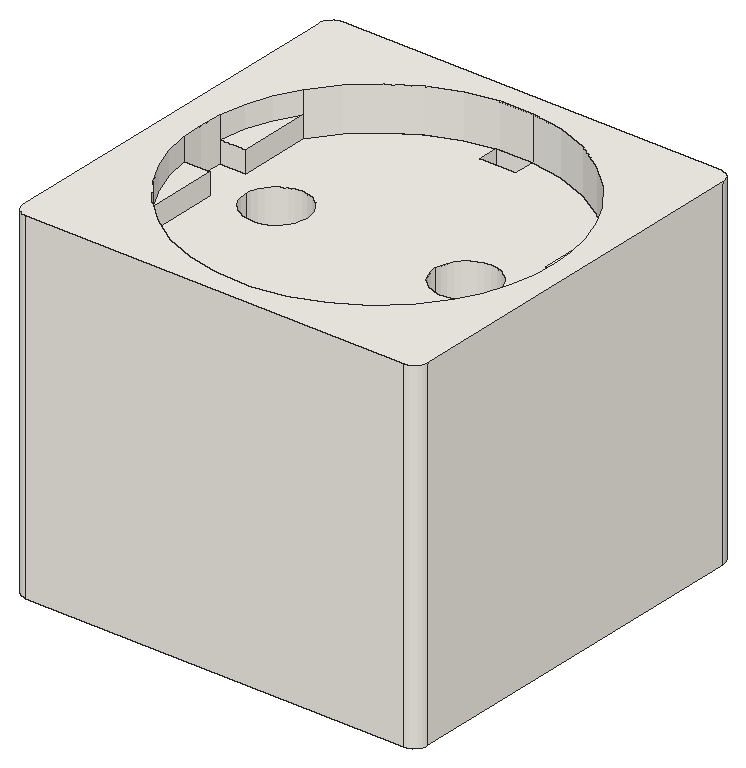
Revit family "Domotics-DomesticRanges-GEWISS-CHORUS_POWER-SOCKET-OUTLET_DEU", category Apparecchi elettrici, host Superficie, Revit 2016
Family settings
  Host = Superficie
  Mantenere orientamento annotazione = Sì
  Tipo di parte = Normale
  Quota connettore circolare = Usa diametro
  Taglio con vuoti quando caricato = Sì
  Condiviso = Sì
  Punto di calcolo locali = Sì
Parameters (values of type "GW14341 - Socket outlet 2M 2P+E 16a+terminal spa.st.titanium")
  Wiring terminals = "Screws with front tightening terminals"
  Voltage: = "250 V ac"
  Voltage = "250 V ac"
  Volt = 230 V
  Vista in pianta [instance] = yes
  Version file RFA = "19.0"
  URL = "https://www.gewiss.com/ww/en"
  Type: = ""
  Type = "Front terminals"
  Tipo_ = Chorus Prese Ger_GENERICO : GW14341 Presa 2M 2P+T 16A+ morsetti frontali standard Tedesco titanio
  Thermo-pressure with ball = "125 °C"
  Terminal tightening capacity rigid cables (mm2) = "min. 0,5 - max. 2x2,5"
  Terminal tightening capacity flexible cables (mm2) = "min. 0,75 - max. 2x4"
  Terminal grip on cable traction = "> 50 N"
  Technical sheet = "https://www.gewiss.com/ww/en/search?q=GW14341"
  TXT ELETTRICO = "16"
  Standard; = "IEC 60884-1; DIN VDE 0620-1; UNE 20315-1-1"
  Standard: = "German"
  Standard = "German"
  Simbolo [instance] = yes
  SEO = "Socket outlet"
  Resistance at test voltage = "2000 V at 50 Hz for 1 minute"
  Realized by GEWISS S.p.A. = ""
  Default Elevation = 1219.2 mm
  Prolonged operation (no.of position changes) = "10.000 at In 250 V ac cosØ=0,8"
  Produttore = "GEWISS S.p.A."
  Offset presa [instance] = 0 mm
  Offset bidimensionale [instance] = 2 mm
  No. Chorus modules: = "2"
  No. Chorus modules = "2"
  N. poli = 1
  Modello = "GW14341"
  Insulation resistance = "> 5 MOhm"
  Immagine tipo = GW14341.jpg
  IFC.TypeObject = ""
  IFC.ExportType = ""
  IFC.ExportAs = ""
  IDT = "310c0367-30fd-42b5-ab9c-fc234f86b9d5"
  IDF = "1e5c0e1f-8c6b-41bc-9da2-06778d33d87f"
  Glow Wire Test = "850°C"
  For plug pins = "Ø 4.8 mm"
  Electrocod = "0131"
  EAN code = "8011564280779"
  Distanza_x [instance] = 0 mm
  Distanza_effettiva_x [instance] = 1000 mm - Distanza_x  # 1000 mm
  Descrizione = "SOCK. 2M 2P+E 16A+TERMINAL SPA.ST.TIT."
  Description: = "2P+E - 16A"
  Description. = "Dual amperage socket-outlet"
  Colour = "Titanium"
  Characteristics = "With safety shields"
  Category = "Dual amperage socket-outlet"
  Catalogue Range = "CHORUS - DOMESTIC RANGE"
  Catalogue = "DOMOTICS"
  Carico apparente = 0 VA
  COBie.Tagnumber = ""
  COBie.CreatedOn = ""
  COBie.CreatebBy = ""
  COBie.ComponentRegisterItemID = ""
  COBie.Component.TagNumber = ""
  COBie.Component.Space = ""
  COBie.Component.SerialNumber = ""
  COBie.Component.InstallationDate = ""
  COBie.Component.Description = ""
  COBie.Component.BarCode = ""
  Breaking capacity: = "1.25 In (100 position changes)"
Types (8, lengths in mm): name | Wiring terminals | Type: | Type | Tipo_ | Technical sheet | Standard; | Modello | Immagine tipo | IDT | EAN code | Descrizione | Description. | Colour | Category
  GW10241 - Socket outlet 2M 2P+E 16A de white | "With screw" | "" | "" | Chorus Prese Ger_GENERICO : GW10241 Presa 2M 2P+T 16A standard Tedesco bianco | "https://www.gewiss.com/ww/en/search?q=GW10241" | "IEC 60884-1; DIN VDE 0620-1; UNE 20315-1-1" | "GW10241" | GW10241.jpg | "6b95c3b2-e1db-437f-95ce-5dcabf5dae93" | "8011564257955" | "S. OUT. 2M 2P+E 16A DE WHITE" | "Socket-outlet" | "White" | "Socket-outlet"
  GW10251 - Socket outlet 2M 2P+E 16A de red | "With screw" | "For allocated lines" | "For allocated lines" | Chorus Prese Ger_GENERICO : GW10251 Presa 2M 2P+T 16A standard Tedesco rossa | "https://www.gewiss.com/ww/en/search?q=GW10251" | "IEC 60884-1; DIN VDE 0620-1" | "GW10251" | GW10251.jpg | "a9cec378-146a-4ac2-9ae7-199b778c20df" | "8011564264946" | "S. OUT. 2M 2P+E 16A DE RED" | "Socket-outlet" | "Red" | "Socket-outlet"
  GW10341 - Socket outlet 2M 2P+E 16A de front terminals white | "Screws with front tightening terminals" | "" | "Front terminals" | Chorus Prese Ger_GENERICO : GW10341 Presa 2M 2P+T 16A morsetti frontali standard Tedesco bianco | "https://www.gewiss.com/ww/en/search?q=GW10341" | "IEC 60884-1; DIN VDE 0620-1; UNE 20315-1-1" | "GW10341" | GW10341.jpg | "d49558fc-c03e-4419-98bb-5a8c4ff87a70" | "8011564280755" | "S. OUT. 2M 2P+E 16A DE FRONT TERMINALS W" | "Dual amperage socket-outlet" | "White" | "Dual amperage socket-outlet"
  GW10351 - Socket outlet 2M 2P+E 16A de front terminals red | "Screws with front tightening terminals" | "" | "Front terminals" | Chorus Prese Ger_GENERICO : GW10351 Presa 2M 2P+T 16A morsetti frontali standard Tedesco rossa | "https://www.gewiss.com/ww/en/search?q=GW10351" | "IEC 60884-1; DIN VDE 0620-1; UNE 20315-1-1" | "GW10351" | GW10351.jpg | "ec56a42c-993f-4128-b493-7bc6b77b870a" | "8011564280786" | "S. OUT. 2M 2P+E 16A DE FRONT TERMINALS R" | "Dual amperage socket-outlet" | "Red" | "Dual amperage socket-outlet"
  GW12241 - Socket outlet 2M 2P+E 16A german st black | "With screw" | "" | "" | Chorus Prese Ger_GENERICO : GW12241 Presa 2M 2P+T 16A standard Tedesco nero | "https://www.gewiss.com/ww/en/search?q=GW12241" | "IEC 60884-1; DIN VDE 0620-1; UNE 20315-1-1" | "GW12241" | GW12241.jpg | "77eeb34b-25b0-4ae6-ba30-3379bb02aebb" | "8011564266919" | "SOCKET 2M 2P+E 16A GERMAN ST BLACK" | "Socket-outlet" | "Black" | "Socket-outlet"
  GW12341 - Socket outlet 2M 2P+E 16a+terminal spa.st.black | "Screws with front tightening terminals" | "" | "Front terminals" | Chorus Prese Ger_GENERICO : GW12341 Presa 2M 2P+T 16A morsetti frontali standard Tedesco nero | "https://www.gewiss.com/ww/en/search?q=GW12341" | "IEC 60884-1; DIN VDE 0620-1; UNE 20315-1-1" | "GW12341" | GW12341.jpg | "db1b7a75-077a-4fb3-bfcf-73454cb1100c" | "8011564280762" | "SOCK. 2M 2P+E 16A+TERMINAL SPA.ST.BLACK" | "Dual amperage socket-outlet" | "Black" | "Dual amperage socket-outlet"
  GW14241 - Socket outlet 2M 2P+E 16A german st titanium | "With screw" | "" | "" | Chorus Prese Ger_GENERICO : GW14241 Presa 2M 2P+T 16A standard Tedesco titanio | "https://www.gewiss.com/ww/en/search?q=GW14241" | "IEC 60884-1; DIN VDE 0620-1; UNE 20315-1-1" | "GW14241" | GW14241.jpg | "86de815e-d38a-4675-bf2d-ef169fa84a27" | "8011564266353" | "SOCKET 2M 2P+E 16A GERMAN ST TITANIUM" | "Socket-outlet" | "Titanium" | "Socket-outlet"
  GW14341 - Socket outlet 2M 2P+E 16a+terminal spa.st.titanium | "Screws with front tightening terminals" | "" | "Front terminals" | Chorus Prese Ger_GENERICO : GW14341 Presa 2M 2P+T 16A+ morsetti frontali standard Tedesco titanio | "https://www.gewiss.com/ww/en/search?q=GW14341" | "IEC 60884-1; DIN VDE 0620-1; UNE 20315-1-1" | "GW14341" | GW14341.jpg | "310c0367-30fd-42b5-ab9c-fc234f86b9d5" | "8011564280779" | "SOCK. 2M 2P+E 16A+TERMINAL SPA.ST.TIT." | "Dual amperage socket-outlet" | "Titanium" | "Dual amperage socket-outlet"
Reference planes
  plane 1 "Centro (Fronte/Retro)": y = 0
  plane 2: z = 0
  plane 3 "Centro (Sinistra/Destra)": x = 0
  plane 4: x = -1000
  plane 5: x = 0
  plane 6: z = 41
  plane 7: z = 0
  plane 8: z = 39
Lines and regions (mm)
  Masking region 1, visible <- "Vista in pianta"
    outline origin (0, 0, 0) x (1, 0, 0) y (0, 1, 0)
      loop
        line (-23, 21) -> (-23, -21)
        arc (-23, -21) -> (-22.561, -22.061) -> (-21.5, -22.5) r 1.5
        line (-21.5, -22.5) -> (21.5, -22.5)
        arc (21.5, -22.5) -> (22.561, -22.061) -> (23, -21) r 1.5
        line (23, -21) -> (23, 21)
        arc (23, 21) -> (22.561, 22.061) -> (21.5, 22.5) r 1.5
        line (21.5, 22.5) -> (-21.5, 22.5)
        arc (-21.5, 22.5) -> (-22.561, 22.061) -> (-23, 21) r 1.5
      loop
        circle (-10.781, -0.293) r 3.536
      loop
        circle (10.781, -0.293) r 3.536
      loop
        arc (-16.577, -10.706) -> (-8.57, -18) -> (2.056, -20.095) r 20.156
        arc (2.056, -20.095) -> (10.933, -17.246) -> (17.577, -10.706) r 20.156
        arc (17.577, -10.706) -> (19.481, -6.781) -> (20.495, -2.538) r 20.156
        arc (20.495, -2.538) -> (20.656, 0) -> (20.495, 2.538) r 20.156
        arc (20.495, 2.538) -> (19.481, 6.781) -> (17.577, 10.706) r 20.156
        arc (17.577, 10.706) -> (10.933, 17.246) -> (2.056, 20.095) r 20.156
        arc (2.056, 20.095) -> (-8.57, 18) -> (-16.577, 10.706) r 20.156
        arc (-16.577, 10.706) -> (-18.481, 6.781) -> (-19.495, 2.538) r 20.156
        arc (-19.495, 2.538) -> (-19.656, 0) -> (-19.495, -2.538) r 20.156
        arc (-19.495, -2.538) -> (-18.481, -6.781) -> (-16.577, -10.706) r 20.156
      loop
        arc (-16.577, 10.325) -> (-18.342, 6.573) -> (-19.294, 2.538) r 19.956
        line (-19.294, 2.538) -> (-16.577, 2.538) -> (-16.577, 10.325)
      loop
        line (17.577, 2.538) -> (20.294, 2.538)
        arc (20.294, 2.538) -> (19.342, 6.573) -> (17.577, 10.325) r 19.956
        line (17.577, 10.325) -> (17.577, 2.538)
      loop
        arc (2.056, 19.895) -> (-0.003, 19.949) -> (-2.056, 19.791) r 19.956
        line (-2.056, 19.791) -> (-2.056, 17.726) -> (2.056, 17.726) -> (2.056, 19.895)
      loop
        line (-16.577, -10.325) -> (-16.577, -2.538) -> (-19.294, -2.538)
        arc (-19.294, -2.538) -> (-18.342, -6.573) -> (-16.577, -10.325) r 19.956
      loop
        line (17.577, -2.538) -> (17.577, -10.325)
        arc (17.577, -10.325) -> (19.342, -6.573) -> (20.294, -2.538) r 19.956
        line (20.294, -2.538) -> (17.577, -2.538)
      loop
        line (2.056, -19.895) -> (2.056, -17.726) -> (-2.056, -17.726) -> (-2.056, -19.791)
        arc (-2.056, -19.791) -> (-0.003, -19.949) -> (2.056, -19.895) r 19.956
  Masking region 2, visible <- "Vista in pianta"
    outline origin (0, 0, 0) x (1, 0, 0) y (0, 0, 1)
      loop
        line (-23, 39) -> (-23, 0) -> (23, 0) -> (23, 39) -> (-23, 39)
  Masking region 3, visible <- "Vista in pianta"
    outline origin (0, 0, 0) x (0, 1, 0) y (0, 0, 1)
      loop
        line (22.5, 0) -> (22.5, 39) -> (-22.5, 39) -> (-22.5, 0) -> (22.5, 0)
Dimensions and locks
  plane 4 to plane 3 "Centro (Sinistra/Destra)" = 1000 mm
  "Distanza_effettiva_x": plane 4 to plane 5
  "Offset presa": plane 7 to host face
  locked: plane 8 to plane 7 at 39
  "Offset bidimensionale": plane 6 to plane 8
  aligned and locked: plane 2 to host face
  aligned and locked: level to host face
  aligned and locked: plane 5 to nested 1
  aligned and locked: plane 3 "Centro (Sinistra/Destra)" to nested 2
  aligned and locked: plane 1 "Centro (Fronte/Retro)" to nested 2
  aligned and locked: nested 2 to plane 7
  aligned and locked: nested 2 to plane 8
  aligned and locked: Masking region 1 sketch curve to nested 2  (x4)
  aligned and locked: Masking region 2 sketch curve to nested 2  (x2)
  aligned and locked: plane 8 to Masking region 2 sketch curve
  aligned and locked: plane 7 to Masking region 2 sketch curve
  aligned and locked: Masking region 3 sketch curve to nested 2  (x2)
  aligned and locked: plane 8 to Masking region 3 sketch curve
  aligned and locked: plane 7 to Masking region 3 sketch curve
  aligned and locked: import instance to plane 6
Automatic sketch dimensions
  host sketch curve to host sketch curve = 2438.4 mm  (x2)
  Masking region 1 sketch curve to Masking region 1 sketch curve = 0 mm  (x252)
  plane 1 "Centro (Fronte/Retro)" to Masking region 1 sketch curve = 0 mm
  Masking region 1 sketch curve to Masking region 1 sketch curve = 1.5 mm  (x4)
  plane 1 "Centro (Fronte/Retro)" to Masking region 1 sketch curve = 2.538 mm  (x2)
  Masking region 1 sketch curve to Masking region 1 sketch curve = 2.206 mm
  Masking region 1 sketch curve to Masking region 1 sketch curve = 2.717 mm  (x4)
  plane 1 "Centro (Fronte/Retro)" to Masking region 1 sketch curve = 0.293 mm  (x2)
  Masking region 1 sketch curve to Masking region 1 sketch curve = 5.796 mm
  Masking region 1 sketch curve to plane 3 "Centro (Sinistra/Destra)" = 2.056 mm  (x2)
  plane 3 "Centro (Sinistra/Destra)" to Masking region 1 sketch curve = 0.5 mm
  plane 3 "Centro (Sinistra/Destra)" to Masking region 1 sketch curve = 2.056 mm  (x2)
  Masking region 1 sketch curve to Masking region 1 sketch curve = 10.281 mm
  Masking region 1 sketch curve to Masking region 1 sketch curve = 5.423 mm
  Masking region 1 sketch curve to Masking region 1 sketch curve = 9.57 mm
  Masking region 1 sketch curve to Masking region 1 sketch curve = 2.169 mm
  Masking region 1 sketch curve to plane 1 "Centro (Fronte/Retro)" = 2.538 mm  (x2)
  Masking region 1 sketch curve to Masking region 1 sketch curve = 7.401 mm
  Masking region 1 sketch curve to Masking region 1 sketch curve = 2.065 mm
  Masking region 1 sketch curve to Masking region 1 sketch curve = 0.202 mm  (x4)
  Masking region 1 sketch curve to Masking region 1 sketch curve = 2.261 mm
  Masking region 1 sketch curve to Masking region 1 sketch curve = 3.536 mm
  Masking region 1 sketch curve to Masking region 1 sketch curve = 0.201 mm
Nested families
  nested 1: "SIMBOLO PRESE" at (0, 100, 0), TESTO ELETTRICO <- "TXT ELETTRICO", SIMBOLO <- "Simbolo", visible <- "Simbolo", type "PRESA"
    with TESTO ELETTRICO "16", SIMBOLO yes, Distanza dal muro 4.208 mm, BORDO ACCESO yes
  nested 2: "Chorus Prese Ger_GENERICO" at (0, 0, 0), type <- "Tipo_", type "GW14341 Presa 2M 2P+T 16A+ morsetti frontali standard Tedesco titanio", detail levels medium+fine
Connectors
  electrical at (0, 0, 0), driven by "N. poli", driven by "Volt", driven by "Carico apparente"
    settings: on nested 2, index 1, voltage 230 V, apparent load 0 VA, apparent load phase1 0 VA, apparent load phase2 0 VA, apparent load phase3 0 VA, power factor 1, load classification "Altro", number of poles 1, system type 31, power factor state 1, is connector primary yes, connector utility no, sub classification motor no, connector description ""
Definition of nested family "Chorus Prese Ger_GENERICO"
  Parameters (values of type "GW14341 Presa 2M 2P+T 16A+ morsetti frontali standard Tedesco titanio")
    Profondità presa = 39 mm
    Finitura Prese Israele = none
    Altezza da Terra = 750 mm
  Types (8): name
    GW10241 Presa 2M 2P+T 16A standard Tedesco bianco
    GW10251 Presa 2M 2P+T 16A standard Tedesco rossa
    GW10341 Presa 2M 2P+T 16A morsetti frontali standard Tedesco bianco
    GW10351 Presa 2M 2P+T 16A morsetti frontali standard Tedesco rossa
    GW12241 Presa 2M 2P+T 16A standard Tedesco nero
    GW12341 Presa 2M 2P+T 16A morsetti frontali standard Tedesco nero
    GW14241 Presa 2M 2P+T 16A standard Tedesco titanio
    GW14341 Presa 2M 2P+T 16A+ morsetti frontali standard Tedesco titanio
  Reference planes
    plane 1 "Centro (Fronte/Retro)": y = 0
    plane 2: z = 0
    plane 3 "Centro (Sinistra/Destra)": x = 0
    plane 4: y = -22.5
    plane 5: y = 22.5
    plane 6: x = -23
    plane 7: x = 23
    plane 8: z = 34
    plane 9: z = 0
    plane 10: z = 36.5
    plane 11: z = 39
  Forms (mm)
    Extrusion 1, solid, material <- "Finitura Prese Israele"
      sketch origin (0, -772.5, 39) x (1, 0, 0) y (0, 1, 0)
        loop
          arc (-21.5, 795) -> (-22.561, 794.561) -> (-23, 793.5) r 1.5
          line (-23, 793.5) -> (-23, 751.5)
          arc (-23, 751.5) -> (-22.561, 750.439) -> (-21.5, 750) r 1.5
          line (-21.5, 750) -> (21.5, 750)
          arc (21.5, 750) -> (22.561, 750.439) -> (23, 751.5) r 1.5
          line (23, 751.5) -> (23, 793.5)
          arc (23, 793.5) -> (22.561, 794.561) -> (21.5, 795) r 1.5
          line (21.5, 795) -> (-21.5, 795)
      from 0 to -39
    Extrusion 2, void
      sketch origin (0, -772.5, 39) x (1, 0, 0) y (0, 1, 0)
        loop
          arc (-19.495, 775.038) -> (-19.656, 772.5) -> (-19.495, 769.962) r 20.156
          line (-19.495, 769.962) -> (-16.577, 769.962) -> (-16.577, 761.794)
          arc (-16.577, 761.794) -> (-8.57, 754.5) -> (2.056, 752.405) r 20.156
          arc (2.056, 752.405) -> (10.933, 755.254) -> (17.577, 761.794) r 20.156
          line (17.577, 761.794) -> (17.577, 769.962) -> (20.495, 769.962)
          arc (20.495, 769.962) -> (20.656, 772.5) -> (20.495, 775.038) r 20.156
          line (20.495, 775.038) -> (17.577, 775.038) -> (17.577, 783.206)
          arc (17.577, 783.206) -> (10.933, 789.746) -> (2.056, 792.595) r 20.156
          arc (2.056, 792.595) -> (-8.57, 790.5) -> (-16.577, 783.206) r 20.156
          line (-16.577, 783.206) -> (-16.577, 775.038) -> (-19.495, 775.038)
      from -5 to 0
    Extrusion 3, void
      sketch origin (0, -772.5, 39) x (1, 0, 0) y (0, 1, 0)
        loop
          arc (-19.495, 769.962) -> (-18.481, 765.719) -> (-16.577, 761.794) r 20.156
          line (-16.577, 761.794) -> (-16.577, 769.962) -> (-19.495, 769.962)
        loop
          line (20.495, 769.962) -> (17.577, 769.962) -> (17.577, 761.794)
          arc (17.577, 761.794) -> (19.481, 765.719) -> (20.495, 769.962) r 20.156
        loop
          arc (-2.056, 752.507) -> (-0.003, 752.351) -> (2.056, 752.405) r 20.156
          line (2.056, 752.405) -> (2.056, 754.774) -> (-2.056, 754.774) -> (-2.056, 752.507)
        loop
          line (-16.577, 775.038) -> (-16.577, 783.206)
          arc (-16.577, 783.206) -> (-18.481, 779.281) -> (-19.495, 775.038) r 20.156
          line (-19.495, 775.038) -> (-16.577, 775.038)
        loop
          arc (20.495, 775.038) -> (19.481, 779.281) -> (17.577, 783.206) r 20.156
          line (17.577, 783.206) -> (17.577, 775.038) -> (20.495, 775.038)
        loop
          line (2.056, 790.226) -> (2.056, 792.595)
          arc (2.056, 792.595) -> (-0.003, 792.649) -> (-2.056, 792.493) r 20.156
          line (-2.056, 792.493) -> (-2.056, 790.226) -> (2.056, 790.226)
      from -2.5 to 0
    Extrusion 4, void
      sketch origin (0, -772.5, 39) x (1, 0, 0) y (0, 1, 0)
        loop
          circle (10.781, 772.207) r 3.536
        loop
          circle (-10.781, 772.207) r 3.536
      from -20 to -5
    Extrusion 5, void
      sketch origin (0, -772.5, 39) x (1, 0, 0) y (0, 1, 0)
        loop
          line (-2.056, 792.493) -> (-2.056, 790.226) -> (2.056, 790.226) -> (2.056, 792.595)
          arc (2.056, 792.595) -> (-0.003, 792.649) -> (-2.056, 792.493) r 20.156
        loop
          arc (-2.056, 752.507) -> (-0.003, 752.351) -> (2.056, 752.405) r 20.156
          line (2.056, 752.405) -> (2.056, 754.774) -> (-2.056, 754.774) -> (-2.056, 752.507)
      from -20 to -5
  Cuts and joins
    Extrusion 2, Extrusion 3, Extrusion 4, Extrusion 5 cuts Extrusion 1
  Dimensions and locks
    "Profondità presa": plane 11 to level
    aligned and locked: level to plane 2
    aligned and locked: Extrusion 1 to plane 9
    aligned and locked: Extrusion 2 to plane 8
    aligned and locked: Extrusion 3 to plane 10
    aligned and locked: plane 8 to Extrusion 4
    aligned and locked: plane 8 to Extrusion 5
  Automatic sketch dimensions
    Extrusion 1 sketch curve to plane 6 = 0 mm
    Extrusion 1 sketch curve to plane 4 = 0 mm
    Extrusion 1 sketch curve to plane 5 = 0 mm
    Extrusion 1 sketch curve to plane 7 = 0 mm
    plane 6 to Extrusion 1 sketch curve = 1.5 mm  (x2)
    Extrusion 1 sketch curve to plane 7 = 1.5 mm  (x2)
    Extrusion 2 sketch curve to Extrusion 2 sketch curve = 0 mm  (x32)
    plane 1 "Centro (Fronte/Retro)" to Extrusion 2 sketch curve = 0 mm
    plane 6 to Extrusion 2 sketch curve = 3.505 mm
    plane 1 "Centro (Fronte/Retro)" to Extrusion 2 sketch curve = 2.538 mm
    Extrusion 2 sketch curve to Extrusion 2 sketch curve = 2.918 mm  (x2)
    plane 3 "Centro (Sinistra/Destra)" to Extrusion 2 sketch curve = 0.5 mm
    Extrusion 2 sketch curve to plane 7 = 5.423 mm
    Extrusion 2 sketch curve to plane 1 "Centro (Fronte/Retro)" = 2.538 mm
    Extrusion 2 sketch curve to plane 7 = 2.505 mm  (x2)
    Extrusion 2 sketch curve to Extrusion 2 sketch curve = 8.169 mm  (x2)
    plane 3 "Centro (Sinistra/Destra)" to Extrusion 2 sketch curve = 2.056 mm  (x2)
    Extrusion 3 sketch curve to Extrusion 3 sketch curve = 0 mm  (x32)
    plane 1 "Centro (Fronte/Retro)" to Extrusion 3 sketch curve = 0 mm
    plane 6 to Extrusion 3 sketch curve = 3.505 mm
    Extrusion 3 sketch curve to Extrusion 3 sketch curve = 2.918 mm  (x2)
    Extrusion 3 sketch curve to plane 3 "Centro (Sinistra/Destra)" = 2.056 mm  (x2)
    plane 3 "Centro (Sinistra/Destra)" to Extrusion 3 sketch curve = 0.5 mm
    plane 3 "Centro (Sinistra/Destra)" to Extrusion 3 sketch curve = 2.056 mm  (x2)
    Extrusion 3 sketch curve to plane 1 "Centro (Fronte/Retro)" = 2.538 mm  (x2)
    Extrusion 3 sketch curve to plane 7 = 5.423 mm  (x2)
    Extrusion 3 sketch curve to plane 7 = 2.505 mm  (x2)
    plane 1 "Centro (Fronte/Retro)" to Extrusion 3 sketch curve = 2.538 mm  (x2)
    Extrusion 3 sketch curve to Extrusion 3 sketch curve = 8.169 mm
    plane 4 to Extrusion 3 sketch curve = 4.774 mm
    Extrusion 3 sketch curve to Extrusion 3 sketch curve = 2.369 mm
    Extrusion 3 sketch curve to plane 5 = 4.774 mm
    Extrusion 3 sketch curve to Extrusion 3 sketch curve = 2.267 mm
    plane 1 "Centro (Fronte/Retro)" to Extrusion 4 sketch curve = 0.293 mm  (x2)
    Extrusion 4 sketch curve to plane 3 "Centro (Sinistra/Destra)" = 10.781 mm
    plane 3 "Centro (Sinistra/Destra)" to Extrusion 4 sketch curve = 10.781 mm
    Extrusion 5 sketch curve to Extrusion 5 sketch curve = 0 mm  (x2)
    plane 1 "Centro (Fronte/Retro)" to Extrusion 5 sketch curve = 0 mm
    Extrusion 5 sketch curve to plane 3 "Centro (Sinistra/Destra)" = 2.056 mm  (x2)
    plane 3 "Centro (Sinistra/Destra)" to Extrusion 5 sketch curve = 0.5 mm
    plane 3 "Centro (Sinistra/Destra)" to Extrusion 5 sketch curve = 2.056 mm  (x2)
    plane 4 to Extrusion 5 sketch curve = 4.774 mm
    Extrusion 5 sketch curve to Extrusion 5 sketch curve = 2.267 mm  (x2)
    Extrusion 5 sketch curve to plane 5 = 4.774 mm
    radius of Extrusion 4 sketch curve = 3.536 mm  (x2)
Definition of nested family "SIMBOLO PRESE"
  Parameters (values of type "PRESA")
    TESTO ELETTRICO [instance] = "TXT"
    Simbolo = SIMBOLO PRESE_BASE : PRESA
    SIMBOLO [instance] = yes
    Distanza dal muro [instance] = 4.208 mm
    BORDO ACCESO [instance] = yes
  Reference planes
    plane 1: y = 0
    plane 2: x = 0
  Dimensions and locks
    aligned and locked: plane 1 to nested 1
    aligned and locked: plane 2 to nested 1
  Nested families
    nested 1: "SIMBOLO PRESE_BASE" at (0, 0, 0), type <- "Simbolo", TESTO ELETTRICO <- "TESTO ELETTRICO", BORDO ACCESO <- "BORDO ACCESO", visible <- "SIMBOLO", type "PRESA"
      with TESTO ELETTRICO "TXT", BORDO ACCESO yes
  Definition of nested family "SIMBOLO PRESE_BASE"
    Parameters (values of type "PRESA")
      TESTO ELETTRICO [instance] = "TXT"
      Distanza dal muro = 4.208 mm
      BORDO ACCESO [instance] = yes
    Reference planes
      plane 1: y = 0
      plane 2: x = 0
    Lines and regions (mm)
      detail lines, visible <- "BORDO ACCESO", not visible
        curve 1: line (-1.743, 9.208, 0) -> (2.057, 9.208, 0)
        curve 2: line (2.057, 9.208, 0) -> (2.057, 4.208, 0)
        curve 3: line (2.057, 4.208, 0) -> (-1.743, 4.208, 0)
        curve 4: line (-1.743, 4.208, 0) -> (-1.743, 9.208, 0)
        curve 5: line (-1.543, 9.008, 0) -> (1.857, 9.008, 0)
        curve 6: line (1.857, 9.008, 0) -> (1.857, 4.408, 0)
        curve 7: line (1.857, 4.408, 0) -> (-1.543, 4.408, 0)
        curve 8: line (-1.543, 4.408, 0) -> (-1.543, 9.008, 0)
      detail lines
        curve 9: line (0.783, 1.133, 0) -> (-0.783, 1.133, 0)
        curve 10: line (0, 1.133, 0) -> (0, 0.349, 0)
        curve 11: arc (-0.783, 1.916, 0) -> (0, 1.133, 0) -> (0.783, 1.916, 0) r 0.783
    Text (mm)
      label "TXT" at (0.016, 1.578, 0), shows "TESTO ELETTRICO"
